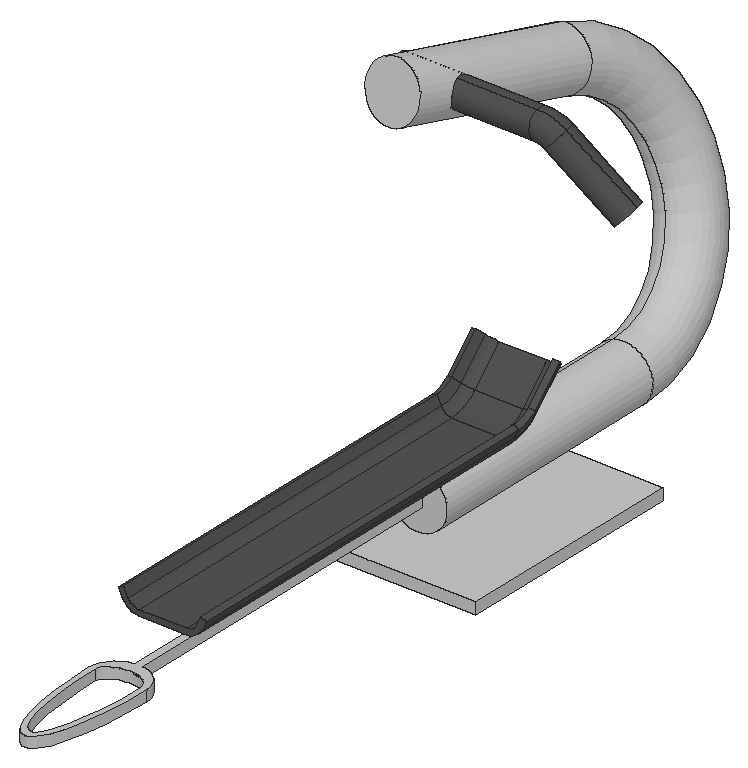
Revit family "Bicycle-Racks_Huntco_Morrison", category Site, host Face, Revit 2026
Family settings
  Host = Face
  Round Connector Dimension = Use Diameter
  Part Type = Normal
  Classification Number = 23.40.10.11.11
  Cut with Voids When Loaded = No
  Shared = No
Parameters (values of type "With Cable")
  Warranty Duration (Years) = 0
  Unit Width = 0' - 5"
  Unit Height = 1' - 3 3/4"
  Unit Depth = 0' - 8 1/8"
  URL = "http://www.huntco.com/"
  Test Data = ""
  Specification = "http://www.arcat.com/sdspecs/htm/02871hco.htm"
  SpecWizard = ""
  Send Message = "http://www.arcat.com/users.pl?action=UserEmail&company=Huntco+Supply+LLC&coid=39482&rep=133&fax=503-274-2055&mf="
  Sales Information = "http://huntco.com/about-us/"
  Revision = "R1_2014-09"
  Product Properties = ""
  Product Data = "http://www.arcat.com/arcatcos/cos39/arc39482.html"
  Model = "Morrison"
  Manufacturer Website = "http://www.huntco.com/"
  Manufacturer Phone - Toll Free = "800-547-5909"
  Manufacturer Phone = "503-224-8700"
  Manufacturer Fax = "503-274-2055"
  Manufacturer Address = "P. O. Box 10385 Portland, OR 97296"
  Manufacturer = "Huntco Site Furnishings"
  Maintenance Schedule (Months) = 0
  Include Cable = yes
  Keynote = "02871"
  Installation-Fabrication = ""
  Installation Phase = ""
  Green Building-LEED = "http://www.arcat.com/green/clients/leed_data_39482.html"
  Fixture Finish [instance] = Metal - Steel - Huntco - Stainless
  Expected Lifespan (Years) = 0
  Drawn By = "Sumex Design, Inc. / Robert S. Weygant, CSI, CDT, SCIP"
  Description = "Huntco Wall Mounted Morrison Bike Rack as Specified"
  Default Elevation = 0' - 0"
  Copyright = "©Arcat Inc."
  Construction Details = "http://www.arcat.com/details/huntcosu/huntcosu.html?coid=39482"
  Capacity = "1 Bike"
  Bumper [instance] = Powdercoat - Huntco - Color as Specified
  Building Codes = ""
  Assembly Code = "G2040500"
Types (2): name | Include Cable
  With Cable | yes
  Without Cable | no
Reference planes (in)
  plane 1 "Center (Front/Back)": y = 0
  plane 2: z = 0
  plane 3 "Center (Left/Right)": x = 0
  plane 4: z = 8.125
  plane 5: z = 0
Forms (in)
  Sweep 1, solid, material "Metal - Steel - Huntco - Stainless" <- "Fixture Finish"
    path origin (0.29927, -1.875, 0.05277) x (0, 1, 0) y (-0.34202, 0, 0.939693)
      loop
        line (2.73788, 7.38128) -> (6.84306, 6.2813)
        arc (6.84306, 6.2813) -> (8.85779, 3.26605) -> (6.13131, 0.875) r 2.75
        line (6.13131, 0.875) -> (0.63131, 0.875)
    profile origin (-2.03717, 2.91547, 6.47208) x (-0.330366, 0.258819, 0.907673) y (0.939693, 0, 0.34202)
      loop
        circle (0, 0) r 0.625
  Sweep 2, solid, material "Powdercoat - Huntco - Color as Specified" <- "Bumper"
    path origin (0, 1.89126, -0.22181) x (1, 0, 0) y (0, -0.258819, 0.965926)
      loop
        line (-2.86504, 7.00937) -> (0.13496, 7.00937)
        arc (0.13496, 7.00937) -> (0.42198, 6.95228) -> (0.66529, 6.7897) r 0.75
        line (0.66529, 6.7897) -> (1.90273, 5.55227)
    profile origin (-1.36504, 0.0771, 6.54872) x (0, -0.258819, 0.965926) y (0, -0.965926, -0.258819)
      loop
        circle (-0.25, -1.78804) r 0.3125
  Extrusion 3, solid, material "Metal - Steel - Huntco - Stainless" <- "Fixture Finish"
    sketch origin (0, 0, 0) x (1, 0, 0) y (0, 1, 0)
      loop
        line (-2.25, -2.5) -> (2.25, -2.5) -> (2.25, 2.5) -> (-2.25, 2.5) -> (-2.25, -2.5)
    from 0 to 0.25
  Sweep 4, solid, material "Powdercoat - Huntco - Color as Specified" <- "Bumper"
    path origin (0, 0, 0) x (0, 1, 0) y (0, 0, 1)
      loop
        line (1.64566, 2.4152) -> (0.99976, 1.76929)
        arc (0.99976, 1.76929) -> (0.67533, 1.55252) -> (0.29265, 1.4764) r 1
        line (0.29265, 1.4764) -> (-8.07975, 1.4764)
    profile origin (0, -3.89355, 1.4764) x (0, 0, -1) y (1, 0, 0)
      loop
        arc (0.01409, 0.5111) -> (-0.04464, 0.71259) -> (-0.20243, 0.85096) r 0.375
        line (-0.20243, 0.85096) -> (-0.39225, 0.93948) -> (-0.44507, 0.82619) -> (-0.25525, 0.73768)
        arc (-0.25525, 0.73768) -> (-0.15006, 0.64542) -> (-0.11091, 0.5111) r 0.25
        line (-0.11091, 0.5111) -> (-0.11091, -0.5111)
        arc (-0.11091, -0.5111) -> (-0.15006, -0.64542) -> (-0.25525, -0.73768) r 0.25
        line (-0.25525, -0.73768) -> (-0.44507, -0.82619) -> (-0.39225, -0.93948) -> (-0.20243, -0.85096)
        arc (-0.20243, -0.85096) -> (-0.04464, -0.71259) -> (0.01409, -0.5111) r 0.375
        line (0.01409, -0.5111) -> (0.01409, 0.5111)
  Extrusion 5, solid, material "Metal - Steel - Huntco - Stainless" <- "Fixture Finish", visible <- "Include Cable"
    sketch origin (0, 0, 0) x (1, 0, 0) y (0, 1, 0)
      loop
        line (-0.08876, -1.24369) -> (-0.08876, -8.70963)
        spline (-0.08876, -8.70963) -> (-0.16082, -8.72332) -> (-0.23061, -8.74478) -> (-0.29714, -8.77372) -> (-0.35947, -8.80972) -> (-0.41673, -8.85228) -> (-0.4681, -8.9008) -> (-0.51286, -8.95458) -> (-0.55037, -9.01288) -> (-0.58012, -9.07487) -> (-0.60167, -9.13967) -> (-0.61472, -9.20637) -> (-0.61909, -9.27402)
        spline (-0.61909, -9.27402) -> (-0.598, -9.92107) -> (-0.53615, -10.52402) -> (-0.43776, -11.04179) -> (-0.30955, -11.43908) -> (-0.16023, -11.68883) -> (0, -11.77402) -> (0.16023, -11.68883) -> (0.30955, -11.43908) -> (0.43776, -11.04179) -> (0.53615, -10.52402) -> (0.598, -9.92107) -> (0.61909, -9.27402)
        spline (0.61909, -9.27402) -> (0.61472, -9.20637) -> (0.60167, -9.13967) -> (0.58012, -9.07487) -> (0.55037, -9.01288) -> (0.51286, -8.95458) -> (0.4681, -8.9008) -> (0.41673, -8.85228) -> (0.35947, -8.80972) -> (0.29714, -8.77372) -> (0.23061, -8.74478) -> (0.16082, -8.72332) -> (0.08876, -8.70963)
        line (0.08876, -8.70963) -> (0.08876, -1.24369) -> (-0.08876, -1.24369)
      loop
        spline (0.49409, -9.27402) -> (0.47726, -9.19283) -> (0.4279, -9.11718) -> (0.34938, -9.05222) -> (0.24705, -9.00237) -> (0.12788, -8.97103) -> (0, -8.96034) -> (-0.12788, -8.97103) -> (-0.24705, -9.00237) -> (-0.34938, -9.05222) -> (-0.4279, -9.11718) -> (-0.47726, -9.19283) -> (-0.49409, -9.27402)
        spline (-0.49409, -9.27402) -> (-0.47726, -9.8791) -> (-0.4279, -10.44295) -> (-0.34938, -10.92714) -> (-0.24705, -11.29867) -> (-0.12788, -11.53223) -> (0, -11.61189) -> (0.12788, -11.53223) -> (0.24705, -11.29867) -> (0.34938, -10.92714) -> (0.4279, -10.44295) -> (0.47726, -9.8791) -> (0.49409, -9.27402)
    from 0.74233 to 0.96842
Dimensions and locks (in)
  "Unit Depth": plane 4 to level
  locked: host face to plane 5
  aligned and locked: plane 2 to host face
  aligned and locked: level to host face
Automatic sketch dimensions
  host sketch curve to host sketch curve = 8' - 0"  (x2)
  Sweep 1 sketch curve to profile plane = 0' - 0"
  profile plane to Sweep 1 sketch curve = 0' - 0"
  plane 1 "Center (Front/Back)" to Extrusion 3 sketch curve = 0' - 2 1/2"
  Extrusion 3 sketch curve to plane 3 "Center (Left/Right)" = 0' - 2 1/4"
  plane 3 "Center (Left/Right)" to Extrusion 3 sketch curve = 0' - 2 1/4"
  Extrusion 3 sketch curve to plane 1 "Center (Front/Back)" = 0' - 2 1/2"
  plane 1 "Center (Front/Back)" to Sweep 1 sketch curve = 0' - 1.24369"
  Sweep 1 sketch curve to plane 1 "Center (Front/Back)" = 0' - 0.86288"
  Sweep 1 sketch curve to plane 1 "Center (Front/Back)" = 0' - 4.25631"
  Sweep 1 sketch curve to Sweep 1 sketch curve = 0' - 0.71175"
  Sweep 1 sketch curve to Sweep 1 sketch curve = 0' - 2 3/4"
  Sweep 1 sketch curve to Sweep 1 sketch curve = 0' - 1.09998"
  profile plane to Sweep 2 sketch curve = 0' - 0 1/4"
  Sweep 2 sketch curve to profile plane = 0' - 1.78804"
  level to Sweep 4 sketch curve = 0' - 1.4764"
  plane 1 "Center (Front/Back)" to Sweep 4 sketch curve = 0' - 8.07975"
  Sweep 4 sketch curve to plane 1 "Center (Front/Back)" = 0' - 0.29265"
  Sweep 4 sketch curve to Sweep 4 sketch curve = 0' - 0.70711"
  Sweep 4 sketch curve to Sweep 4 sketch curve = 0' - 0.64591"  (x2)
  Sweep 4 sketch curve to Sweep 4 sketch curve = 0' - 0.29289"
  Sweep 4 sketch curve to Sweep 4 sketch curve = 0' - 0"  (x4)
  profile plane to Sweep 4 sketch curve = 0' - 0.44507"  (x2)
  Sweep 4 sketch curve to Sweep 4 sketch curve = 0' - 0.05283"  (x4)
  Sweep 4 sketch curve to Sweep 4 sketch curve = 0' - 0.08416"  (x2)
  Sweep 4 sketch curve to Sweep 4 sketch curve = 0' - 0.18982"
  profile plane to Sweep 4 sketch curve = 0' - 0.11091"
  Sweep 4 sketch curve to profile plane = 0' - 0.01409"
  Sweep 4 sketch curve to plane 3 "Center (Left/Right)" = 0' - 0.93948"
  plane 3 "Center (Left/Right)" to Sweep 4 sketch curve = 0' - 0.5111"
  Sweep 4 sketch curve to Sweep 4 sketch curve = 0' - 0.08851"
  Sweep 2 sketch curve to plane 3 "Center (Left/Right)" = 0' - 2.86504"
  plane 3 "Center (Left/Right)" to Sweep 2 sketch curve = 0' - 0.13496"
  Sweep 2 sketch curve to Sweep 2 sketch curve = 0' - 0.53033"  (x2)
  Sweep 2 sketch curve to Sweep 2 sketch curve = 0' - 1.23744"
  Sweep 2 sketch curve to Sweep 2 sketch curve = 0' - 0.70711"
  Extrusion 5 sketch curve to plane 3 "Center (Left/Right)" = 0' - 0"  (x4)
  Extrusion 5 sketch curve to plane 3 "Center (Left/Right)" = 0' - 0.08876"
  Extrusion 5 sketch curve to Extrusion 5 sketch curve = 0' - 0.49409"
  Extrusion 5 sketch curve to Extrusion 5 sketch curve = 0' - 0 1/8"
  plane 3 "Center (Left/Right)" to Extrusion 5 sketch curve = 0' - 0.08876"
  plane 1 "Center (Front/Back)" to Extrusion 5 sketch curve = 0' - 9.27402"
  Extrusion 5 sketch curve to Extrusion 5 sketch curve = 0' - 0"  (x2)
  Extrusion 5 sketch curve to Extrusion 5 sketch curve = 0' - 0.56438"
  plane 1 "Center (Front/Back)" to Extrusion 5 sketch curve = 0' - 1.24369"
  radius of Sweep 1 sketch curve = 0' - 0 5/8"
  radius of Sweep 2 sketch curve = 0' - 0 5/16"
